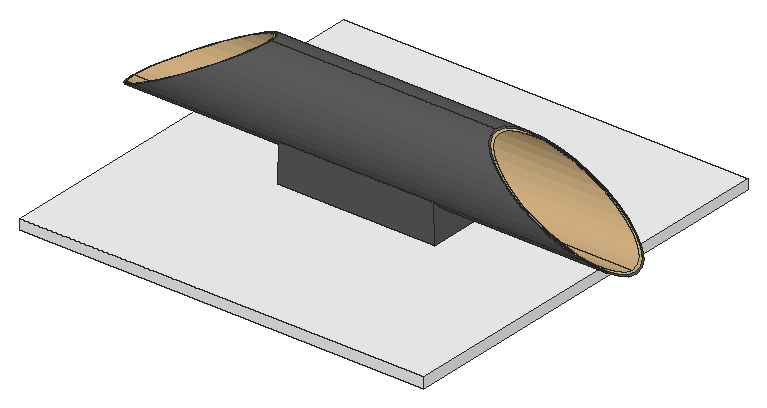
Revit family "BE_51058.4_de_DE", category Leuchten, Revit 2020
Family settings
  Basisbauteil = Fläche
  Bemaßung runder Anschluss = Durchmesser verwenden
  Teiletyp = Normal
  Beim Laden mit Abzugskörper schneiden = Ja
  Lichtquelle = Ja
  Gemeinsam genutzt = Nein
  Raumberechnungspunkt = Ja
Parameters (values of type "BEGA_51058.4_K3")
  built-in parameter 1150104 = 13.116 (stored number, unit not read)
  Wattage = 17 W
  Default Elevation = 0 mm
  built-in parameter 1150113 = 1 (stored number, unit not read)
  built-in parameter 1114218 = 1 (stored number, unit not read)
  Umgebungstemperatur = "25 °C"
  URL = "https://www.bega.com/de/produkt/51058.4"
  Typenkommentare = "© 2023 BEGA. Wir behalten uns das Recht vor, technische Änderungen ohne vorherige Ankündigung vorzunehmen."  # constant formula
  built-in parameter 1150134 = (empty or 0)
  built-in parameter 1150109 = 1 (stored number, unit not read)
  Strom = ""
  built-in parameter 1150110 = 1 (stored number, unit not read)
  Spannung = 239.996 V
  Sonderanfertigung = no
  Seriennummer [instance] = "Hier können Sie die eindeutige Seriennummer für das Facility Management eintragen."
  Schutzklasse = "I"
  Schutzart = "IP 20"
  Scheinlast = 0 VA
  Produktdatenblatt = "https://cdn.bega.com/bega/products/51058.4K3/current/documents/data-sheets/de"
  Neigungswinkel = 0.00°
  Modell = "51058.4K3"
  Material_35 = BEGA_Oberfläche_Samtschwarz_matt
  Material_31 = BEGA_Oberfläche_Messing_matt
  Material_21 = BEGA_Oberfläche_Aluminium_poliert
  Material_15 = BEGA_Leuchtmedium_matt
  Material_13 = BEGA_Kunststoff_matt
  M_W = no
  M_G = no
  M_A = no
  Logo = 0
  built-in parameter 1114217 = 1 (stored number, unit not read)
  built-in parameter 1150139 = (empty or 0)
  built-in parameter 1150105 = 190.99 (stored number, unit not read)
  built-in parameter 1150114 = 1 (stored number, unit not read)
  Lumens = 2400.06 lm
  built-in parameter 1150115 = 1 (stored number, unit not read)
  Leuchtenlichtstrom = "443 lm"
  Leuchtenanzahl = ""
  Lebensdauerkriterien = "L70B50 @ 25 °C = 175000 h"
  Lastklassifizierung = Beleuchtung
  built-in parameter 1150112 = 1 (stored number, unit not read)
  Lampenlichtstrom = "2400 lm"
  Lampe = "LED 17 W"
  LED_Modulbezeichnung = "2x LED-0986/930"
  Hersteller = "BEGA"  # constant formula
  Halbstreuwinkel = ""
  Gewicht = "1.2 kg"
  Frequenz = "0/50-60 Hz"
  Farbwiedergabeindex = "CRI > 90"
  Farbtemperaturverschiebung bei Dämpfen der Lampe = <Keine Auswahl>
  Farbtemperatur = "3000 K"
  Color Filter = 16777215
  built-in parameter 1150133 = 10 (stored number, unit not read)
  Energieeffizienzklasse = "LED A++ - A"
  built-in parameter 1150137 = (empty or 0)
  built-in parameter 1150132 = (empty or 0)
  Dimmbar [instance] = "DALI"
  Datei für fotometrisches Netz = "BE_51058-4K3.ies"
  CE_Konformität = "ja"
  Bestellnummer = "51058.4K3"
  Beschreibung_Sonderanfertigung = "Hier können Sie Informationen zur Sonderanfertigung eintragen."
  Beschreibung = "Wandleuchte"
  built-in parameter 1150106 = 1.9099 (stored number, unit not read)
  Befestigungsbohrung = "Ø 4,5 mm"
  Befestigungsabstand = "90 x 38 mm"
  BEGA_Intern_aus = yes
  BEGA_Intern_an = yes
  BEGA_Intern_Konstruktion = yes
  BEGA_Intern = yes
  BEGA_IES = yes
  BEGA_Dummy = no
  Anschlussleistung [instance] = "19.5 W"
  Anschlusskasten = ""
  built-in parameter 1150107 = 3000 (stored number, unit not read)
  built-in parameter 1150102 = (empty or 0)
  built-in parameter 1150138 = (empty or 0)
  Aktualisierung = "2023-01-25T04:00:03"
  AC/DC = "AC/DC"
Reference planes
  plane 1 "Mitte (Vorne/Hinten)": y = 0
  plane 2: z = 0
  plane 3 "Mitte (Links/Rechts)": x = 0
  plane 4 "Links": x = -249.801
  plane 5 "Rechts": x = 249.815
  plane 6 "Unten": y = -40
  plane 7 "Oben": y = 39.908
  plane 8 "Vorne": z = 101.028
Forms (mm)
  Extrusion 1, solid, material "BEGA_Platte_Weiss"
    sketch origin (0, -1119.2, 0) x (1, 0, 0) y (0, 1, 0)
      loop
        line (-200, 1319.2) -> (-200, 919.2) -> (200, 919.2) -> (200, 1319.2) -> (-200, 1319.2)
    from 0 to -10
  Extrusion 2, solid, material "BEGA_Dummy_matt", visible <- "BEGA_Dummy"
    sketch origin (80.095, -76.023, 0) x (1, 0, 0) y (0, 1, 0)
      loop
        line (-329.896, 115.932) -> (-329.896, 36.023) -> (169.72, 36.023) -> (169.72, 115.932) -> (-329.896, 115.932)
    from 0 to 101.028
Dimensions and locks
  plane 1 "Mitte (Vorne/Hinten)" to Extrusion 1 = 200 mm
  aligned and locked: plane 2 to Extrusion 1
  aligned and locked: level to Extrusion 1
Nested families
  nested 1: "BE_51058.4_Leuchte" at (0, 0, 0), type "BE_51058.4_Leuchte"
Connectors
  electrical at (0, 0, 0), driven by "Lastklassifizierung", driven by "Spannung", driven by "Scheinlast"
    settings: index 1, voltage 239.996 V, apparent load 0 VA, apparent load phase1 0 VA, apparent load phase2 0 VA, apparent load phase3 0 VA, power factor 1, load classification "Beleuchtung", number of poles 1, system type 31, power factor state 1, is connector primary yes, connector utility no, sub classification motor no, connector description ""
Definition of nested family "BE_51058.4_Leuchte"
  Parameters (values of type "BE_51058.4_Leuchte")
    Default Elevation = 1 mm
    URL = "http://www.bega.de/de/produkt"
    Type Comments = "© 2015 BEGA. Wir behalten uns das Recht vor, technische Änderungen ohne vorherige Ankündigung vorzunehmen. "  # constant formula
    Type Image = (empty or 0)
    Neigungswinkel_um_Z2 = 0.00°
    Neigungswinkel_um_Z1 = 0.00°
    Neigungswinkel_um_Y2 = 0.00°
    Neigungswinkel_um_Y1 = 0.00°
    Neigungswinkel_um_X2 = 0.00°
    Neigungswinkel_um_X1 = 0.00°
    Material_35 = none
    Material_31 = none
    Material_21 = none
    Material_15 = none
    Material_13 = none
    Länge_Platte = 200 mm  # constant formula
    Höhe_Platte = -10 mm  # constant formula
    Manufacturer = "BEGA"  # constant formula
    Drehwinkel_um_Z2 = 0.00°
    Drehwinkel_um_Z1 = 0.00°
    Breite_Platte = 200 mm  # constant formula
  Reference planes
    plane 1 "Mitte (Oben/Unten)": y = 0
    plane 2: z = 0
    plane 3 "Mitte (Links/Rechts)": x = 0
    plane 4 "Oben": y = 39.908
    plane 5 "Unten": y = -40
    plane 6: x = -249.801
    plane 7: x = 249.815
    plane 8: z = 101.028
  Forms (mm)
    Extrusion 1, solid, detail levels medium
      sketch origin (0, 0, 0) x (1, 0, 0) y (0, 1, 0)
        loop
          line (-100, 100) -> (-100, -100) -> (100, -100) -> (100, 100) -> (-100, 100)
      from 0 to -10 <- "Höhe_Platte"
    Extrusion 2, solid, material <- "Material_35"
      sketch origin (0, 0, 0) x (1, 0, 0) y (0, 0, 1)
        loop
          line (-78.176, 0) -> (76.659, 0) -> (75.967, 39.646) -> (-77.482, 39.799) -> (-78.176, 0)
      from -32.86 to 32.86
    Revolve 3, solid, material <- "Material_35"
      sketch origin (0, 0, 0) x (1, 0, 0) y (0, 0, 1)
        loop
          line (-249.815, 21.028) -> (250.185, 21.028) -> (250.185, 22.028) -> (-249.815, 22.028) -> (-249.815, 21.028)
        axis (-249.815, 61.028) -> (250.185, 61.028)
      angle from 0 to 360
    Extrusion 4, void
      sketch origin (0, 0, 0) x (1, 0, 0) y (0, 0, 1)
        loop
          line (-111.251, 101.028) -> (-264.815, 101.028) -> (-264.815, 12.368) -> (-111.251, 101.028)
        loop
          line (111.251, 101.028) -> (260.185, 15.041) -> (260.185, 101.028) -> (111.251, 101.028)
      from -46.907 to 49.699
    Revolve 5, solid, material <- "Material_13"
      sketch origin (0, 0, 0) x (1, 0, 0) y (0, 0, 1)
        loop
          line (-65.315, 61.028) -> (-60.315, 61.028) -> (-60.315, 98.528) -> (-65.315, 98.528) -> (-65.315, 61.028)
        axis (-65.315, 61.028) -> (-60.315, 61.028)
      angle from 0 to 360
    Extrusion 6, void
      sketch origin (0, 0, 0) x (0, 1, 0) y (0, 0, 1)
        loop
          circle (0, 61.028) r 40
      from -280.352 to 250
    Revolve 7, solid, material <- "Material_13"
      sketch origin (0, 0, 0) x (-1, 0, 0) y (0, 0, 1)
        loop
          line (-65.315, 61.028) -> (-60.315, 61.028) -> (-60.315, 98.528) -> (-65.315, 98.528) -> (-65.315, 61.028)
        axis (-65.315, 61.028) -> (-60.315, 61.028)
      angle from 0 to 360
    Revolve 8, solid, material <- "Material_31"
      sketch origin (0, 0, 0) x (1, 0, 0) y (0, 0, 1)
        loop
          line (250.185, 23.028) -> (-248.083, 23.028) -> (-248.083, 22.028) -> (250.185, 22.028) -> (250.185, 23.028)
        axis (-248.083, 61.028) -> (250.185, 61.028)
      angle from 0 to 360
    Revolve 9, solid, material <- "Material_21"
      sketch origin (0, 0, 0) x (1, 0, 0) y (0, 0, 1)
        loop
          line (-53.352, 97.508) -> (-53.352, 61.007) -> (-50.352, 61.007) -> (-50.352, 97.509) -> (-53.352, 97.508)
        axis (-53.352, 61.007) -> (-50.352, 61.007)
      angle from 0 to 360
    Revolve 10, solid, material <- "Material_21"
      sketch origin (0, 0, 0) x (-1, 0, 0) y (0, 0, 1)
        loop
          line (-53.352, 97.508) -> (-53.352, 61.007) -> (-50.352, 61.007) -> (-50.352, 97.509) -> (-53.352, 97.508)
        axis (-53.352, 61.007) -> (-50.352, 61.007)
      angle from 0 to 360
    Revolve 11, solid, material <- "Material_15"
      sketch origin (0, 0, 0) x (1, 0, 0) y (0, 0, 1)
        loop
          line (-54.895, 66.007) -> (-54.895, 61.007) -> (-53.352, 61.007) -> (-53.352, 66.007) -> (-54.895, 66.007)
        axis (-54.895, 61.007) -> (-53.352, 61.007)
      angle from 0 to 360
    Revolve 12, solid, material <- "Material_15"
      sketch origin (0, 0, 0) x (-1, 0, 0) y (0, 0, 1)
        loop
          line (-54.895, 66.007) -> (-54.895, 61.007) -> (-53.352, 61.007) -> (-53.352, 66.007) -> (-54.895, 66.007)
        axis (-54.895, 61.007) -> (-53.352, 61.007)
      angle from 0 to 360
    Extrusion 13, void
      sketch origin (0, 0, 0) x (1, 0, 0) y (0, 1, 0)
        loop
          arc (-31.039, 6.279) -> (-36.539, 11.779) -> (-42.039, 6.279) r 5.5
          line (-42.039, 6.279) -> (-42.039, -7.721)
          arc (-42.039, -7.721) -> (-36.539, -13.221) -> (-31.039, -7.721) r 5.5
          line (-31.039, -7.721) -> (-31.039, 6.279)
        loop
          circle (-57.039, -19.721) r 2
        loop
          circle (51.961, 18.279) r 2
      from 0 to 19.522
  Cuts and joins
    Extrusion 4, Extrusion 13 cuts Revolve 3
    Extrusion 6, Extrusion 13 cuts Extrusion 2
    Extrusion 4, Extrusion 13 cuts Revolve 8
    Extrusion 13 cuts Revolve 10
  Dimensions and locks
    equal spacing: Extrusion 1 sketch curve, plane 3 "Mitte (Links/Rechts)", Extrusion 1 sketch curve
    equal spacing: Extrusion 1 sketch curve, plane 1 "Mitte (Oben/Unten)", Extrusion 1 sketch curve
    "Länge_Platte": Extrusion 1 sketch curve to Extrusion 1 sketch curve
    "Breite_Platte": Extrusion 1 sketch curve to Extrusion 1 sketch curve
    plane 1 "Mitte (Oben/Unten)" to Extrusion 1 = 100 mm  (x3)
    aligned and locked: plane 2 to Extrusion 1
    aligned and locked: level to Extrusion 1
  Automatic sketch dimensions
    Extrusion 2 sketch curve to level = 0 mm
    Extrusion 2 sketch curve to plane 3 "Mitte (Links/Rechts)" = 78.176 mm
    Extrusion 2 sketch curve to Extrusion 2 sketch curve = 0.695 mm
    plane 3 "Mitte (Links/Rechts)" to Extrusion 2 sketch curve = 75.967 mm
    level to Extrusion 2 sketch curve = 0 mm
    Extrusion 2 sketch curve to Extrusion 2 sketch curve = 0.692 mm
    level to Extrusion 2 sketch curve = 39.646 mm
    level to Extrusion 2 sketch curve = 39.799 mm
    Revolve 3 sketch curve to plane 6 = 0.014 mm
    plane 7 to Revolve 3 sketch curve = 0.369 mm
    level to Revolve 3 sketch curve = 21.028 mm
    Revolve 3 sketch curve to Revolve 3 sketch curve = 1 mm
    Revolve 3 sketch curve to plane 6 = 2.014 mm
    plane 7 to Revolve 3 sketch curve = 2.369 mm
    Revolve 3 sketch curve to Revolve 3 sketch curve = 39 mm
    Extrusion 4 sketch curve to plane 8 = 0 mm  (x2)
    Extrusion 4 sketch curve to plane 6 = 15.014 mm
    Extrusion 4 sketch curve to plane 3 "Mitte (Links/Rechts)" = 111.251 mm
    plane 3 "Mitte (Links/Rechts)" to Extrusion 4 sketch curve = 111.251 mm
    plane 7 to Extrusion 4 sketch curve = 10.369 mm
    level to Extrusion 4 sketch curve = 15.041 mm
    level to Extrusion 4 sketch curve = 12.368 mm
    plane 8 to Revolve 5 sketch curve = 2.5 mm
    Revolve 5 sketch curve to plane 3 "Mitte (Links/Rechts)" = 65.315 mm
    Revolve 5 sketch curve to Revolve 5 sketch curve = 5 mm
    Revolve 5 sketch curve to Revolve 5 sketch curve = 37.5 mm
    Revolve 5 sketch curve to plane 6 = 2.014 mm
    plane 7 to Revolve 5 sketch curve = 2.369 mm
    plane 8 to Revolve 5 sketch curve = 40 mm
    Extrusion 6 sketch curve to Extrusion 6 sketch curve = 0 mm  (x2)
    Extrusion 6 sketch curve to plane 1 "Mitte (Oben/Unten)" = 0 mm
    plane 8 to Extrusion 6 sketch curve = 0 mm
    plane 8 to Extrusion 6 sketch curve = 40 mm
    Revolve 7 sketch curve to plane 8 = 2.5 mm
    Revolve 7 sketch curve to plane 3 "Mitte (Links/Rechts)" = 65.315 mm
    Revolve 7 sketch curve to Revolve 7 sketch curve = 5 mm
    Revolve 7 sketch curve to Revolve 7 sketch curve = 37.5 mm
    Revolve 7 sketch curve to plane 7 = 2 mm
    plane 6 to Revolve 7 sketch curve = 2.383 mm
    Revolve 7 sketch curve to plane 8 = 40 mm
    plane 6 to Revolve 8 sketch curve = 1.718 mm
    plane 7 to Revolve 8 sketch curve = 0.369 mm
    level to Revolve 8 sketch curve = 22.028 mm
    Revolve 8 sketch curve to Revolve 8 sketch curve = 1 mm
    Revolve 8 sketch curve to plane 6 = 2.014 mm
    plane 7 to Revolve 8 sketch curve = 2.369 mm
    Revolve 8 sketch curve to Revolve 8 sketch curve = 38 mm
    Revolve 9 sketch curve to plane 3 "Mitte (Links/Rechts)" = 53.352 mm
    Revolve 9 sketch curve to Revolve 9 sketch curve = 3 mm
    plane 8 to Revolve 9 sketch curve = 40.021 mm
    plane 8 to Revolve 9 sketch curve = 3.52 mm
    Revolve 9 sketch curve to Revolve 9 sketch curve = 0.001 mm
    Revolve 9 sketch curve to Revolve 9 sketch curve = 2.852 mm
    Revolve 9 sketch curve to Revolve 9 sketch curve = 4.148 mm
    Revolve 9 sketch curve to Revolve 9 sketch curve = 0 mm
    Revolve 10 sketch curve to plane 3 "Mitte (Links/Rechts)" = 53.352 mm
    Revolve 10 sketch curve to Revolve 10 sketch curve = 3 mm
    Revolve 10 sketch curve to plane 8 = 40.021 mm
    Revolve 10 sketch curve to plane 8 = 3.52 mm
    Revolve 10 sketch curve to Revolve 10 sketch curve = 0.001 mm
    Revolve 10 sketch curve to Revolve 10 sketch curve = 2.852 mm
    Revolve 10 sketch curve to Revolve 10 sketch curve = 4.148 mm
    Revolve 10 sketch curve to Revolve 10 sketch curve = 0 mm
    Revolve 12 sketch curve to plane 8 = 35.021 mm
    Revolve 12 sketch curve to plane 3 "Mitte (Links/Rechts)" = 54.895 mm
    Revolve 12 sketch curve to Revolve 12 sketch curve = 1.542 mm
    Revolve 12 sketch curve to Revolve 12 sketch curve = 5 mm
    Revolve 12 sketch curve to Revolve 12 sketch curve = 1.647 mm
    Revolve 12 sketch curve to Revolve 12 sketch curve = 1.811 mm
    Revolve 12 sketch curve to Revolve 12 sketch curve = 0 mm
    Extrusion 13 sketch curve to plane 1 "Mitte (Oben/Unten)" = 6.279 mm
    Extrusion 13 sketch curve to plane 3 "Mitte (Links/Rechts)" = 42.039 mm
    plane 1 "Mitte (Oben/Unten)" to Extrusion 13 sketch curve = 7.721 mm
    Extrusion 13 sketch curve to Extrusion 13 sketch curve = 0 mm  (x2)
    Extrusion 13 sketch curve to Extrusion 13 sketch curve = 5.5 mm
    Revolve 11 sketch curve to plane 3 "Mitte (Links/Rechts)" = 54.895 mm
    Revolve 11 sketch curve to Revolve 11 sketch curve = 1.542 mm
    plane 8 to Revolve 11 sketch curve = 40.021 mm
    Revolve 11 sketch curve to Revolve 11 sketch curve = 5 mm
    Revolve 11 sketch curve to Revolve 11 sketch curve = 1.647 mm
    Revolve 11 sketch curve to Revolve 11 sketch curve = 1.811 mm
    Revolve 11 sketch curve to Revolve 11 sketch curve = 0 mm
